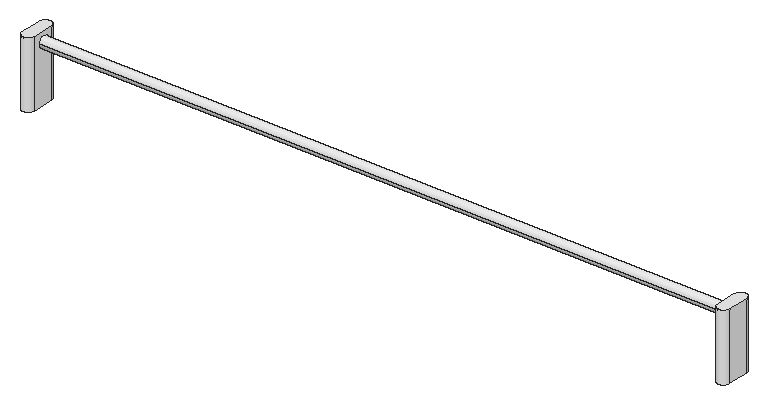
Revit family "Towel Rail-Single-Caroma Track", category Specialty Equipment, host Face, Revit 2014
Parameters (values of type "800mm")
  Width_ANZRS = 75 mm  # constant formula
  URL = "http://specify.caroma.com.au/products/bathroom-accessories/track/track-single-towel-rail--800mm"
  Type Comments = if(Large, "Caroma Track Single Towel Rail - 800mm", "Caroma Track Single Towel Rail - 600mm")  # "Caroma Track Single Towel Rail - 800mm"
  ModifiedIssue_ANZRS = 20150112.01  # constant formula
  Model = if(Large, "90231C", "90225C")  # "90231C"
  Material_ANZRS = Metal-Chrome-Caroma
  Manufacturer = "GWA Bathrooms & Kitchens"  # constant formula
  Length_ANZRS = if(Large, 800 mm, 600 mm)  # 800 mm
  Large = yes
  Height_ANZRS = 38 mm  # constant formula
  Description = "Featuring bold, designer styling and European inspired design, the Track range will lift the feel of any bathroom."  # constant formula
  Default Elevation = 900 mm
  CreatedBy_ANZRS = "Design Content"  # constant formula
  CreatedByURL_ANZRS = "http://www.designcontent.com.au"
  Cost = 0
  Assembly Code = "C1030200"
Types (3, lengths in mm): name | URL | Type Comments | Model | Length_ANZRS | Large
  (no name) | "http://specify.caroma.com.au/products/bathroom-accessories/track/track-single-towel-rail--800mm" | "Caroma Track Single Towel Rail - 800mm" | "90231C" | 800 | yes
  800mm | "http://specify.caroma.com.au/products/bathroom-accessories/track/track-single-towel-rail--800mm" | "Caroma Track Single Towel Rail - 800mm" | "90231C" | 800 | yes
  600mm | "http://specify.caroma.com.au/products/bathroom-accessories/track/track-single-towel-rail--600mm" | "Caroma Track Single Towel Rail - 600mm" | "90225C" | 600 | no
Reference planes
  plane 1 "Center (Elevation)": y = 0
  plane 2 "Back": z = 0
  plane 3 "Center (Left/Right)": x = 0
  plane 4 "Left": x = -400
  plane 5 "Right": x = 400
  plane 6: x = -393
  plane 7: x = 393
Forms (mm)
  Extrusion 1, solid, material "Metal-Chrome-Caroma" <- "Material_ANZRS"
    sketch origin (0, 0, 0) x (1, 0, 0) y (0, 1, 0)
      loop
        line (-400, 12) -> (-400, -12)
        arc (-400, -12) -> (-393, -19) -> (-386, -12) r 7
        line (-386, -12) -> (-386, 12)
        arc (-386, 12) -> (-393, 19) -> (-400, 12) r 7
    from 0 to 75
  Extrusion 2, solid, material "Metal-Chrome-Caroma" <- "Material_ANZRS"
    sketch origin (0, 0, 0) x (-1, 0, 0) y (0, -1, 0)
      loop
        arc (-400, -12) -> (-393, -19) -> (-386, -12) r 7
        line (-386, -12) -> (-386, 12)
        arc (-386, 12) -> (-393, 19) -> (-400, 12) r 7
        line (-400, 12) -> (-400, -12)
    from 0 to 75
  Extrusion 3, solid, material "Metal-Chrome-Caroma" <- "Material_ANZRS"
    sketch origin (-400, 0, 0) x (0, 1, 0) y (0, 0, 1)
      loop
        circle (0, 65) r 6
    from 7 to 793
Cuts and joins
  joined: Extrusion 1, Extrusion 2, Extrusion 3
Dimensions and locks
  "Length_ANZRS": plane 4 "Left" to plane 5 "Right"
  equal spacing: plane 4 "Left", plane 3 "Center (Left/Right)", plane 5 "Right"
  locked: plane 4 "Left" to plane 6 at 7
  locked: plane 7 to plane 5 "Right" at 7
  aligned and locked: plane 2 "Back" to host face
  aligned and locked: level to host face
  aligned and locked: Extrusion 3 to plane 6
  aligned and locked: plane 7 to Extrusion 3
Automatic sketch dimensions
  host sketch curve to host sketch curve = 2438.4 mm  (x2)
  Extrusion 1 sketch curve to plane 4 "Left" = 0 mm
  plane 6 to Extrusion 1 sketch curve = 0 mm
  plane 1 "Center (Elevation)" to Extrusion 1 sketch curve = 12 mm
  Extrusion 1 sketch curve to plane 1 "Center (Elevation)" = 12 mm
  Extrusion 2 sketch curve to plane 5 "Right" = 0 mm
  plane 7 to Extrusion 2 sketch curve = 0 mm
  Extrusion 2 sketch curve to plane 1 "Center (Elevation)" = 12 mm
  plane 1 "Center (Elevation)" to Extrusion 2 sketch curve = 12 mm
  Extrusion 3 sketch curve to plane 1 "Center (Elevation)" = 0 mm
  level to Extrusion 3 sketch curve = 65 mm
  radius of Extrusion 3 sketch curve = 6 mm
